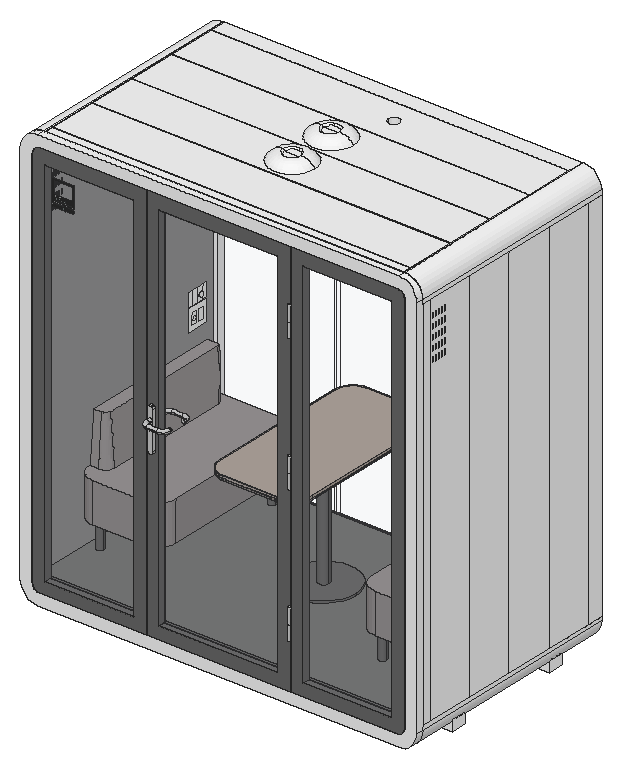
Revit family "MOTTO ML - white", category Entorno, Revit 2023
Family settings
  Se basa en plano de trabajo = No
  Siempre vertical = Sí
  Corte con vacíos al cargar = No
  Origen de apariencia de renderización = Geometría de familia
  Compartido = No
  Punto de cálculo de habitación = No
Parameters
  Altura = 0 mm
Reference planes
  plane 1 "Centro (Frontal/Posterior)": y = 0
  plane 2: z = 0
  plane 3 "Centro (Izquierda/Derecha)": x = 0
Dimensions and locks
  aligned and locked: level to plane 2
Nested families
  nested 1: "Motto ML" at (0, -140, 0), type "ML"
    with Width 2200 mm, White Panel Back (calc) no, Product Category "", OwnedBy "Bureau Spaces LLC", Length 1281 mm, Height 2300 mm, Glass Panel (by default) yes, Domino Black (calc) no, Domino Black no, CreatedBy "Bureau Spaces LLC", Cloud White (calc) yes, Cloud White yes, Black Panel Back (calc) no, BIM Content Publish Date "01.05.2025", BIM Content Copyright "Bureau Spaces LLC"
Definition of nested family "Motto ML"
  Parameters (values of type "ML")
    Width [instance] = 2200 mm
    White Panel Back (calc) [instance] = if([Glass Panel (by default)], 0 > 1, if([Cloud White (calc)], 1 > 0, if([Domino Black (calc)], 0 > 1, 0 > 1)))  # no
    URL = "https://mottobooths.com/products/motto-ml"
    Default Elevation = 0 mm
    Type Comments = "ML"
    Product Category [instance] = ""
    OwnedBy [instance] = "Bureau Spaces LLC"  # constant formula
    Model = "ML"
    Manufacturer = "Bureau Spaces LLC"  # constant formula
    Length [instance] = 1281 mm
    Height [instance] = 2300 mm
    Glass Panel (by default) [instance] = yes
    Domino Black (calc) [instance] = if(Cloud White, 0 > 1, if(Domino Black, 1 > 0, 0 > 1))  # no
    Domino Black [instance] = no
    Description = ""
    CreatedBy [instance] = "Bureau Spaces LLC"  # constant formula
    Cloud White (calc) [instance] = if(Cloud White, 1 > 0, if(Domino Black, 0 > 1, 1 > 0))  # yes
    Cloud White [instance] = yes
    Black Panel Back (calc) [instance] = if([Glass Panel (by default)], 0 > 1, if([Cloud White (calc)], 0 > 1, if([Domino Black (calc)], 1 > 0, 0 > 1)))  # no
    BIM Content Publish Revit Version = "Revit 2019.2"  # constant formula
    BIM Content Publish Date [instance] = "01.05.2025"  # constant formula
    BIM Content Copyright [instance] = "Bureau Spaces LLC"  # constant formula
  Reference planes
    plane 1 "Center (Front/Back)": y = 140
    plane 2: z = 0
    plane 3 "Center (Left/Right)": x = 0
    plane 4: z = 1150
    plane 5: z = 66
    plane 6: z = 2343.15
    plane 7: y = -500.6
    plane 8: y = 780.6
    plane 9: x = -1100
    plane 10: x = 1100
    plane 11: x = -1506.4
    plane 12: x = -918.8
    plane 13: y = -313.11
    plane 14: y = 230.426
  Forms (mm)
    Revolve 1, solid, visible <- "Cloud White (calc)"
      sketch origin (0, 10.45, 198.5) x (1, 0, 0) y (0, 0, 1)
        loop
          line (-43, 2143.15) -> (-23.534, 2143.15)
          arc (-23.534, 2143.15) -> (-16.641, 2159.791) -> (0, 2166.684) r 23.534
          line (0, 2166.684) -> (0, 2176.15) -> (-43, 2176.15) -> (-50, 2183.15)
          arc (-50, 2183.15) -> (-92.258, 2173.074) -> (-123.75, 2143.15) r 83.579
          line (-123.75, 2143.15) -> (-43, 2143.15)
        axis (0, 2183.15) -> (0, 2143.15)
      angle from 0 to 360
    Extrusion 2, solid, visible <- "Cloud White (calc)"
      sketch origin (0, -7.6, 0) x (1, 0, 0) y (0, 0, 1)
        loop
          arc (-1000, 2343.15) -> (-1070.711, 2313.861) -> (-1100, 2243.15) r 100
          line (-1100, 2243.15) -> (-1100, 100)
          arc (-1100, 100) -> (-1070.711, 29.289) -> (-1000, 0) r 100
          line (-1000, 0) -> (1000, 0)
          arc (1000, 0) -> (1070.711, 29.289) -> (1100, 100) r 100
          line (1100, 100) -> (1100, 2243.15)
          arc (1100, 2243.15) -> (1070.711, 2313.861) -> (1000, 2343.15) r 100
          line (1000, 2343.15) -> (-1000, 2343.15)
        loop
          arc (-994, 2277.15) -> (-1022.284, 2265.434) -> (-1034, 2237.15) r 40
          line (-1034, 2237.15) -> (-1034, 106)
          arc (-1034, 106) -> (-1022.284, 77.716) -> (-994, 66) r 40
          line (-994, 66) -> (994, 66)
          arc (994, 66) -> (1022.284, 77.716) -> (1034, 106) r 40
          line (1034, 106) -> (1034, 2237.15)
          arc (1034, 2237.15) -> (1022.284, 2265.434) -> (994, 2277.15) r 40
          line (994, 2277.15) -> (-994, 2277.15)
      from 453 to 493
    Extrusion 3, solid
      sketch origin (-36, -7.6, 0) x (1, 0, 0) y (0, 0, 1)
        loop
          line (-364, 66) -> (436, 66) -> (436, 2277.15) -> (-364, 2277.15) -> (-364, 66)
        loop
          line (-295, 133.345) -> (367, 133.345) -> (367, 2206.495) -> (-295, 2206.495) -> (-295, 133.345)
      from 453 to 493
    Extrusion 4, solid
      sketch origin (-35, -7.6, 0) x (1, 0, 0) y (0, 0, 1)
        loop
          line (-295, 2206.495) -> (-295, 133.345) -> (365, 133.345) -> (365, 2206.495) -> (-295, 2206.495)
      from 453 to 493
    Extrusion 5, solid
      sketch origin (34, -7.6, -8.5) x (1, 0, 0) y (0, 0, 1)
        loop
          arc (-415.56, 1007.975) -> (-400.56, 992.975) -> (-385.56, 1007.975) r 15
          line (-385.56, 1007.975) -> (-385.56, 1217.975)
          arc (-385.56, 1217.975) -> (-400.56, 1232.975) -> (-415.56, 1217.975) r 15
          line (-415.56, 1217.975) -> (-415.56, 1007.975)
      from 493 to 506
    Sweep 6, solid
      path origin (3802.85, -973.996, 1151.5) x (1, 0, 0) y (0, 1, 0)
        loop
          line (-4169.41, 460.396) -> (-4169.41, 436.165)
          arc (-4169.41, 436.165) -> (-4160.623, 414.951) -> (-4139.41, 406.165) r 30
          line (-4139.41, 406.165) -> (-4081.356, 406.165)
          arc (-4081.356, 406.165) -> (-4060.143, 414.951) -> (-4051.356, 436.165) r 30
          line (-4051.356, 436.165) -> (-4051.356, 445.144)
      profile origin (-366.56, -525.715, 1151.5) x (1, 0, 0) y (0, 0, 1)
        loop
          circle (0, 0) r 10
    Extrusion 7, solid
      sketch origin (0, 140, 0) x (1, 0, 0) y (0, 0, 1)
        loop
          line (-1034, 133.345) -> (-1034, 66) -> (1034, 66) -> (1034, 133.345) -> (-1034, 133.345)
      from -590.6 to 600.6
    Sweep 8, solid
      path origin (0, 0, 0) x (1, 0, 0) y (0, 1, 0)
        loop
          line (-1034, 740.6) -> (-1034, -460.6)
      profile origin (-1034, 140, 0) x (1, 0, 0) y (0, 0, 1)
        loop
          line (0, 133.345) -> (10, 133.345) -> (10, 2220.742) -> (0, 2220.742) -> (0, 133.345)
    Extrusion 9, solid, visible <- "Cloud White (calc)"
      sketch origin (0, 140, 2101.655) x (1, 0, 0) y (0, 0, 1)
        loop
          line (-1034, 176.495) -> (-1034, 109.15) -> (1034, 109.15) -> (1034, 176.495) -> (-1034, 176.495)
      from -600.6 to 600.6
    Extrusion 10, solid
      sketch origin (4232.528, -410.969, -247) x (0.707107, 0.707107, 0) y (-0.707107, 0.707107, 0)
        loop
          line (-2439.726, 3905.973) -> (-3004.28, 3341.419)
          arc (-3004.28, 3341.419) -> (-3033.569, 3270.709) -> (-3004.28, 3199.998) r 100
          line (-3004.28, 3199.998) -> (-2785.701, 2981.419)
          arc (-2785.701, 2981.419) -> (-2714.99, 2952.13) -> (-2644.28, 2981.419) r 100
          line (-2644.28, 2981.419) -> (-2079.726, 3545.973)
          arc (-2079.726, 3545.973) -> (-2049.968, 3617.815) -> (-2079.726, 3689.658) r 101.6
          line (-2079.726, 3689.658) -> (-2296.042, 3905.973)
          arc (-2296.042, 3905.973) -> (-2367.884, 3935.731) -> (-2439.726, 3905.973) r 101.6
      from 1060 to 1090
    Extrusion 11, solid
      sketch origin (0, 140, 69.518) x (1, 0, 0) y (0, 0, 1)
        loop
          line (-1035, 73.827) -> (-1035, 63.827) -> (1034, 63.827) -> (1034, 73.827) -> (-1035, 73.827)
      from -600.6 to 600.6
    Extrusion 12, void
      sketch origin (640, -48.081, -44) x (0, 1, 0) y (0, 0, 1)
        loop
          line (-345.519, 2190.382) -> (-345.519, 2165.382)
          arc (-345.519, 2165.382) -> (-338.019, 2157.882) -> (-330.519, 2165.382) r 7.5
          line (-330.519, 2165.382) -> (-330.519, 2190.382)
          arc (-330.519, 2190.382) -> (-338.019, 2197.882) -> (-345.519, 2190.382) r 7.5
        loop
          line (-325.519, 2190.382) -> (-325.519, 2165.382)
          arc (-325.519, 2165.382) -> (-318.019, 2157.882) -> (-310.519, 2165.382) r 7.5
          line (-310.519, 2165.382) -> (-310.519, 2190.382)
          arc (-310.519, 2190.382) -> (-318.019, 2197.882) -> (-325.519, 2190.382) r 7.5
        loop
          line (-305.519, 2190.382) -> (-305.519, 2165.382)
          arc (-305.519, 2165.382) -> (-298.019, 2157.882) -> (-290.519, 2165.382) r 7.5
          line (-290.519, 2165.382) -> (-290.519, 2190.382)
          arc (-290.519, 2190.382) -> (-298.019, 2197.882) -> (-305.519, 2190.382) r 7.5
        loop
          line (-285.519, 2190.382) -> (-285.519, 2165.382)
          arc (-285.519, 2165.382) -> (-278.019, 2157.882) -> (-270.519, 2165.382) r 7.5
          line (-270.519, 2165.382) -> (-270.519, 2190.382)
          arc (-270.519, 2190.382) -> (-278.019, 2197.882) -> (-285.519, 2190.382) r 7.5
        loop
          line (-265.519, 2190.382) -> (-265.519, 2165.382)
          arc (-265.519, 2165.382) -> (-258.019, 2157.882) -> (-250.519, 2165.382) r 7.5
          line (-250.519, 2165.382) -> (-250.519, 2190.382)
          arc (-250.519, 2190.382) -> (-258.019, 2197.882) -> (-265.519, 2190.382) r 7.5
        loop
          line (-345.519, 2135.382) -> (-345.519, 2110.382)
          arc (-345.519, 2110.382) -> (-338.019, 2102.882) -> (-330.519, 2110.382) r 7.5
          line (-330.519, 2110.382) -> (-330.519, 2135.382)
          arc (-330.519, 2135.382) -> (-338.019, 2142.882) -> (-345.519, 2135.382) r 7.5
        loop
          line (-325.519, 2135.382) -> (-325.519, 2110.382)
          arc (-325.519, 2110.382) -> (-318.019, 2102.882) -> (-310.519, 2110.382) r 7.5
          line (-310.519, 2110.382) -> (-310.519, 2135.382)
          arc (-310.519, 2135.382) -> (-318.019, 2142.882) -> (-325.519, 2135.382) r 7.5
        loop
          line (-305.519, 2135.382) -> (-305.519, 2110.382)
          arc (-305.519, 2110.382) -> (-298.019, 2102.882) -> (-290.519, 2110.382) r 7.5
          line (-290.519, 2110.382) -> (-290.519, 2135.382)
          arc (-290.519, 2135.382) -> (-298.019, 2142.882) -> (-305.519, 2135.382) r 7.5
        loop
          line (-285.519, 2135.382) -> (-285.519, 2110.382)
          arc (-285.519, 2110.382) -> (-278.019, 2102.882) -> (-270.519, 2110.382) r 7.5
          line (-270.519, 2110.382) -> (-270.519, 2135.382)
          arc (-270.519, 2135.382) -> (-278.019, 2142.882) -> (-285.519, 2135.382) r 7.5
        loop
          line (-265.519, 2135.382) -> (-265.519, 2110.382)
          arc (-265.519, 2110.382) -> (-258.019, 2102.882) -> (-250.519, 2110.382) r 7.5
          line (-250.519, 2110.382) -> (-250.519, 2135.382)
          arc (-250.519, 2135.382) -> (-258.019, 2142.882) -> (-265.519, 2135.382) r 7.5
        loop
          line (-345.519, 2080.382) -> (-345.519, 2055.382)
          arc (-345.519, 2055.382) -> (-338.019, 2047.882) -> (-330.519, 2055.382) r 7.5
          line (-330.519, 2055.382) -> (-330.519, 2080.382)
          arc (-330.519, 2080.382) -> (-338.019, 2087.882) -> (-345.519, 2080.382) r 7.5
        loop
          line (-325.519, 2080.382) -> (-325.519, 2055.382)
          arc (-325.519, 2055.382) -> (-318.019, 2047.882) -> (-310.519, 2055.382) r 7.5
          line (-310.519, 2055.382) -> (-310.519, 2080.382)
          arc (-310.519, 2080.382) -> (-318.019, 2087.882) -> (-325.519, 2080.382) r 7.5
        loop
          line (-305.519, 2080.382) -> (-305.519, 2055.382)
          arc (-305.519, 2055.382) -> (-298.019, 2047.882) -> (-290.519, 2055.382) r 7.5
          line (-290.519, 2055.382) -> (-290.519, 2080.382)
          arc (-290.519, 2080.382) -> (-298.019, 2087.882) -> (-305.519, 2080.382) r 7.5
        loop
          line (-285.519, 2080.382) -> (-285.519, 2055.382)
          arc (-285.519, 2055.382) -> (-278.019, 2047.882) -> (-270.519, 2055.382) r 7.5
          line (-270.519, 2055.382) -> (-270.519, 2080.382)
          arc (-270.519, 2080.382) -> (-278.019, 2087.882) -> (-285.519, 2080.382) r 7.5
        loop
          line (-265.519, 2080.382) -> (-265.519, 2055.382)
          arc (-265.519, 2055.382) -> (-258.019, 2047.882) -> (-250.519, 2055.382) r 7.5
          line (-250.519, 2055.382) -> (-250.519, 2080.382)
          arc (-250.519, 2080.382) -> (-258.019, 2087.882) -> (-265.519, 2080.382) r 7.5
        loop
          line (-345.519, 2025.382) -> (-345.519, 2000.382)
          arc (-345.519, 2000.382) -> (-338.019, 1992.882) -> (-330.519, 2000.382) r 7.5
          line (-330.519, 2000.382) -> (-330.519, 2025.382)
          arc (-330.519, 2025.382) -> (-338.019, 2032.882) -> (-345.519, 2025.382) r 7.5
        loop
          line (-325.519, 2025.382) -> (-325.519, 2000.382)
          arc (-325.519, 2000.382) -> (-318.019, 1992.882) -> (-310.519, 2000.382) r 7.5
          line (-310.519, 2000.382) -> (-310.519, 2025.382)
          arc (-310.519, 2025.382) -> (-318.019, 2032.882) -> (-325.519, 2025.382) r 7.5
        loop
          line (-305.519, 2025.382) -> (-305.519, 2000.382)
          arc (-305.519, 2000.382) -> (-298.019, 1992.882) -> (-290.519, 2000.382) r 7.5
          line (-290.519, 2000.382) -> (-290.519, 2025.382)
          arc (-290.519, 2025.382) -> (-298.019, 2032.882) -> (-305.519, 2025.382) r 7.5
        loop
          line (-285.519, 2025.382) -> (-285.519, 2000.382)
          arc (-285.519, 2000.382) -> (-278.019, 1992.882) -> (-270.519, 2000.382) r 7.5
          line (-270.519, 2000.382) -> (-270.519, 2025.382)
          arc (-270.519, 2025.382) -> (-278.019, 2032.882) -> (-285.519, 2025.382) r 7.5
        loop
          line (-265.519, 2025.382) -> (-265.519, 2000.382)
          arc (-265.519, 2000.382) -> (-258.019, 1992.882) -> (-250.519, 2000.382) r 7.5
          line (-250.519, 2000.382) -> (-250.519, 2025.382)
          arc (-250.519, 2025.382) -> (-258.019, 2032.882) -> (-265.519, 2025.382) r 7.5
        loop
          line (-345.519, 1970.382) -> (-345.519, 1945.382)
          arc (-345.519, 1945.382) -> (-338.019, 1937.882) -> (-330.519, 1945.382) r 7.5
          line (-330.519, 1945.382) -> (-330.519, 1970.382)
          arc (-330.519, 1970.382) -> (-338.019, 1977.882) -> (-345.519, 1970.382) r 7.5
        loop
          line (-325.519, 1970.382) -> (-325.519, 1945.382)
          arc (-325.519, 1945.382) -> (-318.019, 1937.882) -> (-310.519, 1945.382) r 7.5
          line (-310.519, 1945.382) -> (-310.519, 1970.382)
          arc (-310.519, 1970.382) -> (-318.019, 1977.882) -> (-325.519, 1970.382) r 7.5
        loop
          line (-305.519, 1970.382) -> (-305.519, 1945.382)
          arc (-305.519, 1945.382) -> (-298.019, 1937.882) -> (-290.519, 1945.382) r 7.5
          line (-290.519, 1945.382) -> (-290.519, 1970.382)
          arc (-290.519, 1970.382) -> (-298.019, 1977.882) -> (-305.519, 1970.382) r 7.5
        loop
          line (-285.519, 1970.382) -> (-285.519, 1945.382)
          arc (-285.519, 1945.382) -> (-278.019, 1937.882) -> (-270.519, 1945.382) r 7.5
          line (-270.519, 1945.382) -> (-270.519, 1970.382)
          arc (-270.519, 1970.382) -> (-278.019, 1977.882) -> (-285.519, 1970.382) r 7.5
        loop
          line (-265.519, 1970.382) -> (-265.519, 1945.382)
          arc (-265.519, 1945.382) -> (-258.019, 1937.882) -> (-250.519, 1945.382) r 7.5
          line (-250.519, 1945.382) -> (-250.519, 1970.382)
          arc (-250.519, 1970.382) -> (-258.019, 1977.882) -> (-265.519, 1970.382) r 7.5
      from -1814.577 to 561
    Extrusion 13, solid, visible <- "Cloud White (calc)"
      sketch origin (0, 21.645, 0) x (1, 0, 0) y (0, 0, 1)
        loop
          line (-1090.921, 58.367) -> (-1090.921, -6.709) -> (-963.421, -6.709) -> (-963.421, 0) -> (-1000, 0)
          arc (-1000, 0) -> (-1054.022, 15.847) -> (-1090.921, 58.367) r 100
        loop
          arc (1090.921, 58.367) -> (1054.022, 15.847) -> (1000, 0) r 100
          line (1000, 0) -> (963.421, 0) -> (963.421, -6.709) -> (1090.921, -6.709) -> (1090.921, 58.367)
      from 175.645 to 258.645
    Sweep 14, void
      path origin (-1248.157, -498.753, 0) x (0.707107, -0.707107, 0) y (0.707107, 0.707107, 0)
        loop
          line (-92.616, 1497.778) -> (471.938, 933.224)
          arc (471.938, 933.224) -> (542.648, 903.934) -> (613.359, 933.224) r 100
          line (613.359, 933.224) -> (831.938, 1151.802)
          arc (831.938, 1151.802) -> (861.227, 1222.513) -> (831.938, 1293.224) r 100
          line (831.938, 1293.224) -> (267.384, 1857.778)
          arc (267.384, 1857.778) -> (196.673, 1887.067) -> (125.962, 1857.778) r 100
          line (125.962, 1857.778) -> (-92.616, 1639.199)
          arc (-92.616, 1639.199) -> (-121.906, 1568.488) -> (-92.616, 1497.778) r 100
      profile origin (-254.558, 226.625, 0) x (1, 0, 0) y (0, 0, 1)
        loop
          line (0, 851.781) -> (-16.25, 851.781) -> (-16.25, 805.531) -> (20, 805.531) -> (20, 811.781)
          arc (20, 811.781) -> (5.858, 817.639) -> (0, 831.781) r 20
          line (0, 831.781) -> (0, 851.781)
    Extrusion 15, solid
      sketch origin (-827, -7.6, 0) x (-1, 0, 0) y (0, 0, -1)
        loop
          line (-427, -66) -> (-427, -2277.15) -> (166.955, -2277.15)
          arc (166.955, -2277.15) -> (195.271, -2265.421) -> (207, -2237.105) r 40.045
          line (207, -2237.105) -> (207, -105.899)
          arc (207, -105.899) -> (195.314, -77.686) -> (167.101, -66) r 39.899
          line (167.101, -66) -> (-427, -66)
        loop
          line (-357, -133.345) -> (-357, -2206.495) -> (137, -2206.495) -> (137, -133.345) -> (-357, -133.345)
        loop
          line (-1227, -66) -> (-1821.101, -66)
          arc (-1821.101, -66) -> (-1849.314, -77.686) -> (-1861, -105.899) r 39.899
          line (-1861, -105.899) -> (-1861, -2237.105)
          arc (-1861, -2237.105) -> (-1849.271, -2265.421) -> (-1820.955, -2277.15) r 40.045
          line (-1820.955, -2277.15) -> (-1227, -2277.15) -> (-1227, -66)
        loop
          line (-1297, -133.345) -> (-1791, -133.345) -> (-1791, -2206.495) -> (-1297, -2206.495) -> (-1297, -133.345)
      from 453 to 493
    Extrusion 16, solid
      sketch origin (-2798.55, 455.495, 145.853) x (-1, 0, 0) y (0, -1, 0)
        loop
          line (-2154.55, -275.105) -> (-1774.55, -275.105) -> (-1774.55, 570.095)
          arc (-1774.55, 570.095) -> (-1803.84, 640.806) -> (-1874.55, 670.095) r 100
          line (-1874.55, 670.095) -> (-2154.55, 670.095)
          arc (-2154.55, 670.095) -> (-2225.261, 640.806) -> (-2254.55, 570.095) r 100
          line (-2254.55, 570.095) -> (-2254.55, -175.105)
          arc (-2254.55, -175.105) -> (-2225.261, -245.816) -> (-2154.55, -275.105) r 100
      from 157.492 to 377.492
    Revolve 17, solid, visible <- "Cloud White (calc)"
      sketch origin (0, 279.7, 198.5) x (1, 0, 0) y (0, 0, -1)
        loop
          line (-43, -2143.15) -> (-123.75, -2143.15)
          arc (-123.75, -2143.15) -> (-92.258, -2173.074) -> (-50, -2183.15) r 83.579
          line (-50, -2183.15) -> (-43, -2176.15) -> (0, -2176.15) -> (0, -2166.684)
          arc (0, -2166.684) -> (-16.641, -2159.791) -> (-23.534, -2143.15) r 23.534
          line (-23.534, -2143.15) -> (-43, -2143.15)
        axis (0, -2183.15) -> (0, -2143.15)
      angle from 0 to 360
    Extrusion 18, solid, visible <- "Cloud White (calc)"
      sketch origin (0, 692.645, 0) x (1, 0, 0) y (0, 0, 1)
        loop
          line (-1090.921, 58.367) -> (-1090.921, -6.709) -> (-963.421, -6.709) -> (-963.421, 0) -> (-1000, 0)
          arc (-1000, 0) -> (-1054.022, 15.847) -> (-1090.921, 58.367) r 100
        loop
          arc (1090.921, 58.367) -> (1054.022, 15.847) -> (1000, 0) r 100
          line (1000, 0) -> (963.421, 0) -> (963.421, -6.709) -> (1090.921, -6.709) -> (1090.921, 58.367)
      from 175.645 to 258.645
    Extrusion 19, solid
      sketch origin (3102.453, 15.6, 43.15) x (1, 0, 0) y (0, 1, 0)
        loop
          arc (-3222.453, 9.4) -> (-3220.988, 5.864) -> (-3217.453, 4.4) r 5
          line (-3217.453, 4.4) -> (-2987.453, 4.4)
          arc (-2987.453, 4.4) -> (-2983.917, 5.864) -> (-2982.453, 9.4) r 5
          line (-2982.453, 9.4) -> (-2982.453, 239.4)
          arc (-2982.453, 239.4) -> (-2983.917, 242.936) -> (-2987.453, 244.4) r 5
          line (-2987.453, 244.4) -> (-3217.453, 244.4)
          arc (-3217.453, 244.4) -> (-3220.988, 242.936) -> (-3222.453, 239.4) r 5
          line (-3222.453, 239.4) -> (-3222.453, 9.4)
      from 2155 to 2167.655
    Extrusion 20, solid
      sketch origin (-835, -7.6, 0) x (1, 0, 0) y (0, 0, 1)
        loop
          line (-129, 2206.495) -> (-129, 133.345) -> (365, 133.345) -> (365, 2206.495) -> (-129, 2206.495)
      from 453 to 493
    Extrusion 21, solid
      sketch origin (835, -7.6, 0) x (-1, 0, 0) y (0, 0, -1)
        loop
          line (-129, -2206.495) -> (365, -2206.495) -> (365, -133.345) -> (-129, -133.345) -> (-129, -2206.495)
      from 453 to 493
    Extrusion 22, solid
      sketch origin (0, 0, 61.685) x (1, 0, 0) y (0, 1, 0)
        loop
          line (-924, -64.6) -> (-924, 645.733)
          arc (-924, 645.733) -> (-938.645, 681.089) -> (-974, 695.733) r 50
          line (-974, 695.733) -> (-1024, 695.733) -> (-1024, -114.6) -> (-974, -114.6)
          arc (-974, -114.6) -> (-938.645, -99.955) -> (-924, -64.6) r 50
      from 461.66 to 731.66
    Sweep 23, void
      path origin (0, -25, 523.345) x (1, 0, 0) y (0, 1, 0)
        loop
          line (-1024, -89.6) -> (-974, -89.6)
          arc (-974, -89.6) -> (-938.645, -74.955) -> (-924, -39.6) r 50
          line (-924, -39.6) -> (-924, 705.6)
          arc (-924, 705.6) -> (-938.645, 740.955) -> (-974, 755.6) r 50
          line (-974, 755.6) -> (-1024, 755.6)
      profile origin (-938.645, -99.955, 523.345) x (-0.707107, 0.707107, 0) y (0, 0, 1)
        loop
          line (0, 0) -> (25, 270) -> (-5.086, 270) -> (-30.086, 0) -> (0, 0)
    Extrusion 24, solid
      sketch origin (0, 170.426, 0) x (1, 0, 0) y (0, 1, 0)
        loop
          circle (0, 60) r 30
      from 153.345 to 813
    Extrusion 25, solid
      sketch origin (0, 170.426, -661.088) x (1, 0, 0) y (0, 1, 0)
        loop
          circle (0, 60) r 177.8
      from 804.433 to 814.433
    Extrusion 26, solid
      sketch origin (0, -613, 0) x (1, 0, 0) y (0, 0, 1)
        loop
          line (-1024, 2210.805) -> (-1024, 2190.805) -> (-1004, 2190.805) -> (-1004, 2210.805) -> (-1024, 2210.805)
        loop
          line (1024, 2210.805) -> (1004, 2210.805) -> (1004, 2190.805) -> (1024, 2190.805) -> (1024, 2210.805)
      from -1353.6 to -152.4
    Extrusion 27, solid
      sketch origin (2798.55, 455.495, -74.147) x (1, 0, 0) y (0, 1, 0)
        loop
          circle (-2181.176, -587.264) r 20
        loop
          circle (-2181.176, 187.936) r 20
        loop
          circle (-1847.925, -587.264) r 20
        loop
          circle (-1847.925, 187.936) r 20
        loop
          circle (-3415.925, -587.264) r 20
        loop
          circle (-3415.925, 187.936) r 20
        loop
          circle (-3749.176, -587.264) r 20
        loop
          circle (-3749.176, 187.936) r 20
      from 217.492 to 377.492
    Extrusion 28, solid, visible <- "Cloud White (calc)"
      sketch origin (-1534, -995.644, 0) x (-1, 0, 0) y (0, -1, 0)
        loop
          line (-501, -860.217) -> (-434, -860.217) -> (-434, -585.044) -> (-501, -585.044) -> (-501, -860.217)
      from 122.408 to 2220.742
    Extrusion 29, solid, visible <- "Cloud White (calc)"
      sketch origin (-600, 180, 0) x (1, 0, 0) y (0, 0, 1)
        loop
          line (-395, 2278.15) -> (-395, 2343.15) -> (-400, 2343.15)
          arc (-400, 2343.15) -> (-470.711, 2313.861) -> (-500, 2243.15) r 100
          line (-500, 2243.15) -> (-500, 2220.742) -> (-435, 2220.742) -> (-435, 2238.15)
          arc (-435, 2238.15) -> (-423.284, 2266.434) -> (-395, 2278.15) r 40
        loop
          arc (1595, 2278.15) -> (1623.284, 2266.434) -> (1635, 2238.15) r 40
          line (1635, 2238.15) -> (1635, 2220.742) -> (1700, 2220.742) -> (1700, 2243.15)
          arc (1700, 2243.15) -> (1670.711, 2313.861) -> (1600, 2343.15) r 100
          line (1600, 2343.15) -> (1595, 2343.15) -> (1595, 2278.15)
        loop
          arc (-395, 65) -> (-423.284, 76.716) -> (-435, 105) r 40
          line (-435, 105) -> (-435, 122.408) -> (-500, 122.408) -> (-500, 100)
          arc (-500, 100) -> (-470.711, 29.289) -> (-400, 0) r 100
          line (-400, 0) -> (-395, 0) -> (-395, 65)
        loop
          line (1595, 65) -> (1595, 0) -> (1600, 0)
          arc (1600, 0) -> (1670.711, 29.289) -> (1700, 100) r 100
          line (1700, 100) -> (1700, 122.408) -> (1635, 122.408) -> (1635, 105)
          arc (1635, 105) -> (1623.284, 76.716) -> (1595, 65) r 40
      from -600.6 to 640.6
    Extrusion 30, solid, visible <- "Cloud White (calc)"
      sketch origin (1534, -995.644, 0) x (1, 0, 0) y (0, 1, 0)
        loop
          line (-501, 860.217) -> (-501, 585.044) -> (-434, 585.044) -> (-434, 860.217) -> (-501, 860.217)
      from 122.408 to 2220.742
    Extrusion 31, solid, visible <- "Cloud White (calc)"
      sketch origin (-1534, 418.664, 0) x (-1, 0, 0) y (0, -1, 0)
        loop
          line (-501, -361.936) -> (-434, -361.936) -> (-434, -272.573) -> (-501, -272.573) -> (-501, -361.936)
      from 122.408 to 2220.742
    Extrusion 32, solid, visible <- "Cloud White (calc)"
      sketch origin (-1534, -1276.844, 0) x (-1, 0, 0) y (0, -1, 0)
        loop
          line (-501, -866.244) -> (-434, -866.244) -> (-434, -816.244) -> (-501, -816.244) -> (-501, -866.244)
      from 122.408 to 2220.742
    Extrusion 33, solid, visible <- "Cloud White (calc)"
      sketch origin (1389, -251.882, 43.15) x (1, 0, 0) y (0, 1, 0)
        loop
          line (-394, 116.455) -> (-2384, 116.455) -> (-2384, -159.1) -> (-394, -159.1) -> (-394, 116.455)
      from 2235 to 2300
    Extrusion 34, solid, visible <- "Cloud White (calc)"
      sketch origin (1389, 1154.755, 43.15) x (1, 0, 0) y (0, 1, 0)
        loop
          line (-394, -374.155) -> (-2384, -374.155) -> (-2384, -463.9) -> (-394, -463.9) -> (-394, -374.155)
      from 2235 to 2300
    Extrusion 35, solid, visible <- "Cloud White (calc)"
      sketch origin (1534, 418.664, 0) x (1, 0, 0) y (0, 1, 0)
        loop
          line (-501, 361.936) -> (-501, 272.573) -> (-434, 272.573) -> (-434, 361.936) -> (-501, 361.936)
      from 122.408 to 2220.742
    Extrusion 36, solid, visible <- "Cloud White (calc)"
      sketch origin (1534, -1276.844, 0) x (1, 0, 0) y (0, 1, 0)
        loop
          line (-501, 866.244) -> (-501, 816.244) -> (-434, 816.244) -> (-434, 866.244) -> (-501, 866.244)
      from 122.408 to 2220.742
    Sweep 37, solid
      path origin (0, -3.175, 0) x (1, 0, 0) y (0, 1, 0)
        loop
          line (-254.558, 630.251) -> (-254.558, -169.4)
          arc (-254.558, -169.4) -> (-225.269, -240.111) -> (-154.558, -269.4) r 100
          line (-154.558, -269.4) -> (154.558, -269.4)
          arc (154.558, -269.4) -> (225.269, -240.111) -> (254.558, -169.4) r 100
          line (254.558, -169.4) -> (254.558, 630.251)
          arc (254.558, 630.251) -> (225.269, 700.962) -> (154.558, 730.251) r 100
          line (154.558, 730.251) -> (-154.558, 730.251)
          arc (-154.558, 730.251) -> (-225.269, 700.962) -> (-254.558, 630.251) r 100
      profile origin (-254.558, 227.251, 0) x (1, 0, 0) y (0, 0, 1)
        loop
          line (0, 831.781) -> (0, 843) -> (-2, 843) -> (-2, 831.781)
          arc (-2, 831.781) -> (2.178, 818.883) -> (13.125, 810.883) r 22
          line (13.125, 810.883) -> (13.125, 813)
          arc (13.125, 813) -> (3.606, 820.325) -> (0, 831.781) r 20
    Extrusion 38, solid, visible <- "Glass Panel (by default)"
      sketch origin (-87.057, 219.156, 0) x (-1, 0, 0) y (0, -1, 0)
        loop
          line (-1082.057, -561.444) -> (-434, -561.444) -> (-434, -521.444) -> (-1082.057, -521.444) -> (-1082.057, -561.444)
      from 122.408 to 2220.742
    Extrusion 39, solid, visible <- "Glass Panel (by default)"
      sketch origin (-710.057, 219.156, 0) x (-1, 0, 0) y (0, -1, 0)
        loop
          line (-1057, -561.444) -> (-363.115, -561.444) -> (-363.115, -521.444) -> (-1057, -521.444) -> (-1057, -561.444)
      from 122.408 to 2220.742
    Extrusion 40, solid, visible <- "Glass Panel (by default)"
      sketch origin (-1403.943, 219.156, 0) x (-1, 0, 0) y (0, -1, 0)
        loop
          line (-1057, -561.444) -> (-408.943, -561.444) -> (-408.943, -536.444) -> (-1057, -536.444) -> (-1057, -561.444)
      from 122.408 to 2220.742
    Extrusion 41, solid, visible <- "Cloud White (calc)"
      sketch origin (0, -12.4, 0) x (1, 0, 0) y (0, 0, 1)
        loop
          line (995, 2278.15) -> (-995, 2278.15)
          arc (-995, 2278.15) -> (-1023.284, 2266.434) -> (-1035, 2238.15) r 40
          line (-1035, 2238.15) -> (-1035, 105)
          arc (-1035, 105) -> (-1026.269, 80.055) -> (-1003.888, 66) r 40
          line (-1003.888, 66) -> (1003.888, 66)
          arc (1003.888, 66) -> (1026.269, 80.055) -> (1035, 105) r 40
          line (1035, 105) -> (1035, 2238.15)
          arc (1035, 2238.15) -> (1023.284, 2266.434) -> (995, 2278.15) r 40
        loop
          line (995, 2220.742) -> (-995, 2220.742) -> (-995, 122.408) -> (995, 122.408) -> (995, 2220.742)
      from -793 to -753
    Extrusion 42, solid, visible <- "Cloud White (calc)"
      sketch origin (1389, 1154.755, -2233.987) x (0, -1, 0) y (1, 0, 0)
        loop
          line (374.155, -394) -> (374.155, -2384) -> (463.9, -2384) -> (463.9, -394) -> (374.155, -394)
      from 2233.987 to 2300
    Extrusion 43, solid, visible <- "Cloud White (calc)"
      sketch origin (1389, -341.627, -2233.987) x (0, -1, 0) y (1, 0, 0)
        loop
          line (69.355, -394) -> (69.355, -2384) -> (118.973, -2384) -> (118.973, -394) -> (69.355, -394)
      from 2233.987 to 2300
    Extrusion 44, solid
      sketch origin (-172, -253.273, -31.411) x (1, 0, 0) y (0, 1, 0)
        loop
          circle (572, -255.327) r 8
      from 1862.49 to 1944.105
    Extrusion 45, solid
      sketch origin (-172, -253.273, 50.203) x (1, 0, 0) y (0, 1, 0)
        loop
          circle (572, -255.327) r 8
      from 1862.49 to 1944.105
    Extrusion 46, solid
      sketch origin (-172, -253.273, -784.395) x (1, 0, 0) y (0, 1, 0)
        loop
          circle (572, -255.327) r 8
      from 1862.49 to 1944.105
    Extrusion 47, solid
      sketch origin (-172, -253.273, -702.78) x (1, 0, 0) y (0, 1, 0)
        loop
          circle (572, -255.327) r 8
      from 1862.49 to 1944.105
    Extrusion 48, solid
      sketch origin (-172, -253.273, -1536.895) x (1, 0, 0) y (0, 1, 0)
        loop
          circle (572, -255.327) r 8
      from 1862.49 to 1944.105
    Extrusion 49, solid
      sketch origin (-172, -253.273, -1455.28) x (1, 0, 0) y (0, 1, 0)
        loop
          circle (572, -255.327) r 8
      from 1862.49 to 1944.105
    Extrusion 50, solid
      sketch origin (0, 0, 43.15) x (1, 0, 0) y (0, 1, 0)
        loop
          line (-115, 20) -> (115, 20)
          arc (115, 20) -> (118.536, 21.464) -> (120, 25) r 5
          line (120, 25) -> (120, 255)
          arc (120, 255) -> (118.536, 258.536) -> (115, 260) r 5
          line (115, 260) -> (-115, 260)
          arc (-115, 260) -> (-118.536, 258.536) -> (-120, 255) r 5
          line (-120, 255) -> (-120, 25)
          arc (-120, 25) -> (-118.536, 21.464) -> (-115, 20) r 5
        loop
          line (115, 265) -> (-115, 265)
          arc (-115, 265) -> (-122.071, 262.071) -> (-125, 255) r 10
          line (-125, 255) -> (-125, 25)
          arc (-125, 25) -> (-122.071, 17.929) -> (-115, 15) r 10
          line (-115, 15) -> (115, 15)
          arc (115, 15) -> (122.071, 17.929) -> (125, 25) r 10
          line (125, 25) -> (125, 255)
          arc (125, 255) -> (122.071, 262.071) -> (115, 265) r 10
      from 2155 to 2167.655
    Extrusion 51, void
      sketch origin (0, 562.847, 0) x (-1, 0, 0) y (0, -1, 0)
        loop
          line (408.067, 324.134) -> (433.067, 324.134)
          arc (433.067, 324.134) -> (440.567, 331.634) -> (433.067, 339.134) r 7.5
          line (433.067, 339.134) -> (408.067, 339.134)
          arc (408.067, 339.134) -> (400.567, 331.634) -> (408.067, 324.134) r 7.5
        loop
          line (408.067, 304.134) -> (433.067, 304.134)
          arc (433.067, 304.134) -> (440.567, 311.634) -> (433.067, 319.134) r 7.5
          line (433.067, 319.134) -> (408.067, 319.134)
          arc (408.067, 319.134) -> (400.567, 311.634) -> (408.067, 304.134) r 7.5
        loop
          line (408.067, 284.134) -> (433.067, 284.134)
          arc (433.067, 284.134) -> (440.567, 291.634) -> (433.067, 299.134) r 7.5
          line (433.067, 299.134) -> (408.067, 299.134)
          arc (408.067, 299.134) -> (400.567, 291.634) -> (408.067, 284.134) r 7.5
        loop
          line (408.067, 264.134) -> (433.067, 264.134)
          arc (433.067, 264.134) -> (440.567, 271.634) -> (433.067, 279.134) r 7.5
          line (433.067, 279.134) -> (408.067, 279.134)
          arc (408.067, 279.134) -> (400.567, 271.634) -> (408.067, 264.134) r 7.5
        loop
          line (408.067, 244.134) -> (433.067, 244.134)
          arc (433.067, 244.134) -> (440.567, 251.634) -> (433.067, 259.134) r 7.5
          line (433.067, 259.134) -> (408.067, 259.134)
          arc (408.067, 259.134) -> (400.567, 251.634) -> (408.067, 244.134) r 7.5
        loop
          line (463.067, 324.134) -> (488.067, 324.134)
          arc (488.067, 324.134) -> (495.567, 331.634) -> (488.067, 339.134) r 7.5
          line (488.067, 339.134) -> (463.067, 339.134)
          arc (463.067, 339.134) -> (455.567, 331.634) -> (463.067, 324.134) r 7.5
        loop
          line (463.067, 304.134) -> (488.067, 304.134)
          arc (488.067, 304.134) -> (495.567, 311.634) -> (488.067, 319.134) r 7.5
          line (488.067, 319.134) -> (463.067, 319.134)
          arc (463.067, 319.134) -> (455.567, 311.634) -> (463.067, 304.134) r 7.5
        loop
          line (463.067, 284.134) -> (488.067, 284.134)
          arc (488.067, 284.134) -> (495.567, 291.634) -> (488.067, 299.134) r 7.5
          line (488.067, 299.134) -> (463.067, 299.134)
          arc (463.067, 299.134) -> (455.567, 291.634) -> (463.067, 284.134) r 7.5
        loop
          line (463.067, 264.134) -> (488.067, 264.134)
          arc (488.067, 264.134) -> (495.567, 271.634) -> (488.067, 279.134) r 7.5
          line (488.067, 279.134) -> (463.067, 279.134)
          arc (463.067, 279.134) -> (455.567, 271.634) -> (463.067, 264.134) r 7.5
        loop
          line (463.067, 244.134) -> (488.067, 244.134)
          arc (488.067, 244.134) -> (495.567, 251.634) -> (488.067, 259.134) r 7.5
          line (488.067, 259.134) -> (463.067, 259.134)
          arc (463.067, 259.134) -> (455.567, 251.634) -> (463.067, 244.134) r 7.5
        loop
          line (518.067, 324.134) -> (543.067, 324.134)
          arc (543.067, 324.134) -> (550.567, 331.634) -> (543.067, 339.134) r 7.5
          line (543.067, 339.134) -> (518.067, 339.134)
          arc (518.067, 339.134) -> (510.567, 331.634) -> (518.067, 324.134) r 7.5
        loop
          line (518.067, 304.134) -> (543.067, 304.134)
          arc (543.067, 304.134) -> (550.567, 311.634) -> (543.067, 319.134) r 7.5
          line (543.067, 319.134) -> (518.067, 319.134)
          arc (518.067, 319.134) -> (510.567, 311.634) -> (518.067, 304.134) r 7.5
        loop
          line (518.067, 284.134) -> (543.067, 284.134)
          arc (543.067, 284.134) -> (550.567, 291.634) -> (543.067, 299.134) r 7.5
          line (543.067, 299.134) -> (518.067, 299.134)
          arc (518.067, 299.134) -> (510.567, 291.634) -> (518.067, 284.134) r 7.5
        loop
          line (518.067, 264.134) -> (543.067, 264.134)
          arc (543.067, 264.134) -> (550.567, 271.634) -> (543.067, 279.134) r 7.5
          line (543.067, 279.134) -> (518.067, 279.134)
          arc (518.067, 279.134) -> (510.567, 271.634) -> (518.067, 264.134) r 7.5
        loop
          line (518.067, 244.134) -> (543.067, 244.134)
          arc (543.067, 244.134) -> (550.567, 251.634) -> (543.067, 259.134) r 7.5
          line (543.067, 259.134) -> (518.067, 259.134)
          arc (518.067, 259.134) -> (510.567, 251.634) -> (518.067, 244.134) r 7.5
        loop
          line (573.067, 324.134) -> (598.067, 324.134)
          arc (598.067, 324.134) -> (605.567, 331.634) -> (598.067, 339.134) r 7.5
          line (598.067, 339.134) -> (573.067, 339.134)
          arc (573.067, 339.134) -> (565.567, 331.634) -> (573.067, 324.134) r 7.5
        loop
          line (573.067, 304.134) -> (598.067, 304.134)
          arc (598.067, 304.134) -> (605.567, 311.634) -> (598.067, 319.134) r 7.5
          line (598.067, 319.134) -> (573.067, 319.134)
          arc (573.067, 319.134) -> (565.567, 311.634) -> (573.067, 304.134) r 7.5
        loop
          line (573.067, 284.134) -> (598.067, 284.134)
          arc (598.067, 284.134) -> (605.567, 291.634) -> (598.067, 299.134) r 7.5
          line (598.067, 299.134) -> (573.067, 299.134)
          arc (573.067, 299.134) -> (565.567, 291.634) -> (573.067, 284.134) r 7.5
        loop
          line (573.067, 264.134) -> (598.067, 264.134)
          arc (598.067, 264.134) -> (605.567, 271.634) -> (598.067, 279.134) r 7.5
          line (598.067, 279.134) -> (573.067, 279.134)
          arc (573.067, 279.134) -> (565.567, 271.634) -> (573.067, 264.134) r 7.5
        loop
          line (573.067, 244.134) -> (598.067, 244.134)
          arc (598.067, 244.134) -> (605.567, 251.634) -> (598.067, 259.134) r 7.5
          line (598.067, 259.134) -> (573.067, 259.134)
          arc (573.067, 259.134) -> (565.567, 251.634) -> (573.067, 244.134) r 7.5
        loop
          line (628.067, 324.134) -> (653.067, 324.134)
          arc (653.067, 324.134) -> (660.567, 331.634) -> (653.067, 339.134) r 7.5
          line (653.067, 339.134) -> (628.067, 339.134)
          arc (628.067, 339.134) -> (620.567, 331.634) -> (628.067, 324.134) r 7.5
        loop
          line (628.067, 304.134) -> (653.067, 304.134)
          arc (653.067, 304.134) -> (660.567, 311.634) -> (653.067, 319.134) r 7.5
          line (653.067, 319.134) -> (628.067, 319.134)
          arc (628.067, 319.134) -> (620.567, 311.634) -> (628.067, 304.134) r 7.5
        loop
          line (628.067, 284.134) -> (653.067, 284.134)
          arc (653.067, 284.134) -> (660.567, 291.634) -> (653.067, 299.134) r 7.5
          line (653.067, 299.134) -> (628.067, 299.134)
          arc (628.067, 299.134) -> (620.567, 291.634) -> (628.067, 284.134) r 7.5
        loop
          line (628.067, 264.134) -> (653.067, 264.134)
          arc (653.067, 264.134) -> (660.567, 271.634) -> (653.067, 279.134) r 7.5
          line (653.067, 279.134) -> (628.067, 279.134)
          arc (628.067, 279.134) -> (620.567, 271.634) -> (628.067, 264.134) r 7.5
        loop
          line (628.067, 244.134) -> (653.067, 244.134)
          arc (653.067, 244.134) -> (660.567, 251.634) -> (653.067, 259.134) r 7.5
          line (653.067, 259.134) -> (628.067, 259.134)
          arc (628.067, 259.134) -> (620.567, 251.634) -> (628.067, 244.134) r 7.5
        loop
          arc (-408.246, 324.134) -> (-400.746, 331.634) -> (-408.246, 339.134) r 7.5
          line (-408.246, 339.134) -> (-433.246, 339.134)
          arc (-433.246, 339.134) -> (-440.746, 331.634) -> (-433.246, 324.134) r 7.5
          line (-433.246, 324.134) -> (-408.246, 324.134)
        loop
          arc (-408.246, 304.134) -> (-400.746, 311.634) -> (-408.246, 319.134) r 7.5
          line (-408.246, 319.134) -> (-433.246, 319.134)
          arc (-433.246, 319.134) -> (-440.746, 311.634) -> (-433.246, 304.134) r 7.5
          line (-433.246, 304.134) -> (-408.246, 304.134)
        loop
          arc (-408.246, 284.134) -> (-400.746, 291.634) -> (-408.246, 299.134) r 7.5
          line (-408.246, 299.134) -> (-433.246, 299.134)
          arc (-433.246, 299.134) -> (-440.746, 291.634) -> (-433.246, 284.134) r 7.5
          line (-433.246, 284.134) -> (-408.246, 284.134)
        loop
          arc (-408.246, 264.134) -> (-400.746, 271.634) -> (-408.246, 279.134) r 7.5
          line (-408.246, 279.134) -> (-433.246, 279.134)
          arc (-433.246, 279.134) -> (-440.746, 271.634) -> (-433.246, 264.134) r 7.5
          line (-433.246, 264.134) -> (-408.246, 264.134)
        loop
          arc (-408.246, 244.134) -> (-400.746, 251.634) -> (-408.246, 259.134) r 7.5
          line (-408.246, 259.134) -> (-433.246, 259.134)
          arc (-433.246, 259.134) -> (-440.746, 251.634) -> (-433.246, 244.134) r 7.5
          line (-433.246, 244.134) -> (-408.246, 244.134)
        loop
          arc (-463.246, 324.134) -> (-455.746, 331.634) -> (-463.246, 339.134) r 7.5
          line (-463.246, 339.134) -> (-488.246, 339.134)
          arc (-488.246, 339.134) -> (-495.746, 331.634) -> (-488.246, 324.134) r 7.5
          line (-488.246, 324.134) -> (-463.246, 324.134)
        loop
          arc (-463.246, 304.134) -> (-455.746, 311.634) -> (-463.246, 319.134) r 7.5
          line (-463.246, 319.134) -> (-488.246, 319.134)
          arc (-488.246, 319.134) -> (-495.746, 311.634) -> (-488.246, 304.134) r 7.5
          line (-488.246, 304.134) -> (-463.246, 304.134)
        loop
          arc (-463.246, 284.134) -> (-455.746, 291.634) -> (-463.246, 299.134) r 7.5
          line (-463.246, 299.134) -> (-488.246, 299.134)
          arc (-488.246, 299.134) -> (-495.746, 291.634) -> (-488.246, 284.134) r 7.5
          line (-488.246, 284.134) -> (-463.246, 284.134)
        loop
          arc (-463.246, 264.134) -> (-455.746, 271.634) -> (-463.246, 279.134) r 7.5
          line (-463.246, 279.134) -> (-488.246, 279.134)
          arc (-488.246, 279.134) -> (-495.746, 271.634) -> (-488.246, 264.134) r 7.5
          line (-488.246, 264.134) -> (-463.246, 264.134)
        loop
          arc (-463.246, 244.134) -> (-455.746, 251.634) -> (-463.246, 259.134) r 7.5
          line (-463.246, 259.134) -> (-488.246, 259.134)
          arc (-488.246, 259.134) -> (-495.746, 251.634) -> (-488.246, 244.134) r 7.5
          line (-488.246, 244.134) -> (-463.246, 244.134)
        loop
          arc (-518.246, 324.134) -> (-510.746, 331.634) -> (-518.246, 339.134) r 7.5
          line (-518.246, 339.134) -> (-543.246, 339.134)
          arc (-543.246, 339.134) -> (-550.746, 331.634) -> (-543.246, 324.134) r 7.5
          line (-543.246, 324.134) -> (-518.246, 324.134)
        loop
          arc (-518.246, 304.134) -> (-510.746, 311.634) -> (-518.246, 319.134) r 7.5
          line (-518.246, 319.134) -> (-543.246, 319.134)
          arc (-543.246, 319.134) -> (-550.746, 311.634) -> (-543.246, 304.134) r 7.5
          line (-543.246, 304.134) -> (-518.246, 304.134)
        loop
          arc (-518.246, 284.134) -> (-510.746, 291.634) -> (-518.246, 299.134) r 7.5
          line (-518.246, 299.134) -> (-543.246, 299.134)
          arc (-543.246, 299.134) -> (-550.746, 291.634) -> (-543.246, 284.134) r 7.5
          line (-543.246, 284.134) -> (-518.246, 284.134)
        loop
          arc (-518.246, 264.134) -> (-510.746, 271.634) -> (-518.246, 279.134) r 7.5
          line (-518.246, 279.134) -> (-543.246, 279.134)
          arc (-543.246, 279.134) -> (-550.746, 271.634) -> (-543.246, 264.134) r 7.5
          line (-543.246, 264.134) -> (-518.246, 264.134)
        loop
          arc (-518.246, 244.134) -> (-510.746, 251.634) -> (-518.246, 259.134) r 7.5
          line (-518.246, 259.134) -> (-543.246, 259.134)
          arc (-543.246, 259.134) -> (-550.746, 251.634) -> (-543.246, 244.134) r 7.5
          line (-543.246, 244.134) -> (-518.246, 244.134)
        loop
          arc (-573.246, 324.134) -> (-565.746, 331.634) -> (-573.246, 339.134) r 7.5
          line (-573.246, 339.134) -> (-598.246, 339.134)
          arc (-598.246, 339.134) -> (-605.746, 331.634) -> (-598.246, 324.134) r 7.5
          line (-598.246, 324.134) -> (-573.246, 324.134)
        loop
          arc (-573.246, 304.134) -> (-565.746, 311.634) -> (-573.246, 319.134) r 7.5
          line (-573.246, 319.134) -> (-598.246, 319.134)
          arc (-598.246, 319.134) -> (-605.746, 311.634) -> (-598.246, 304.134) r 7.5
          line (-598.246, 304.134) -> (-573.246, 304.134)
        loop
          arc (-573.246, 284.134) -> (-565.746, 291.634) -> (-573.246, 299.134) r 7.5
          line (-573.246, 299.134) -> (-598.246, 299.134)
          arc (-598.246, 299.134) -> (-605.746, 291.634) -> (-598.246, 284.134) r 7.5
          line (-598.246, 284.134) -> (-573.246, 284.134)
        loop
          arc (-573.246, 264.134) -> (-565.746, 271.634) -> (-573.246, 279.134) r 7.5
          line (-573.246, 279.134) -> (-598.246, 279.134)
          arc (-598.246, 279.134) -> (-605.746, 271.634) -> (-598.246, 264.134) r 7.5
          line (-598.246, 264.134) -> (-573.246, 264.134)
        loop
          arc (-573.246, 244.134) -> (-565.746, 251.634) -> (-573.246, 259.134) r 7.5
          line (-573.246, 259.134) -> (-598.246, 259.134)
          arc (-598.246, 259.134) -> (-605.746, 251.634) -> (-598.246, 244.134) r 7.5
          line (-598.246, 244.134) -> (-573.246, 244.134)
        loop
          arc (-628.246, 324.134) -> (-620.746, 331.634) -> (-628.246, 339.134) r 7.5
          line (-628.246, 339.134) -> (-653.246, 339.134)
          arc (-653.246, 339.134) -> (-660.746, 331.634) -> (-653.246, 324.134) r 7.5
          line (-653.246, 324.134) -> (-628.246, 324.134)
        loop
          arc (-628.246, 304.134) -> (-620.746, 311.634) -> (-628.246, 319.134) r 7.5
          line (-628.246, 319.134) -> (-653.246, 319.134)
          arc (-653.246, 319.134) -> (-660.746, 311.634) -> (-653.246, 304.134) r 7.5
          line (-653.246, 304.134) -> (-628.246, 304.134)
        loop
          arc (-628.246, 284.134) -> (-620.746, 291.634) -> (-628.246, 299.134) r 7.5
          line (-628.246, 299.134) -> (-653.246, 299.134)
          arc (-653.246, 299.134) -> (-660.746, 291.634) -> (-653.246, 284.134) r 7.5
          line (-653.246, 284.134) -> (-628.246, 284.134)
        loop
          arc (-628.246, 264.134) -> (-620.746, 271.634) -> (-628.246, 279.134) r 7.5
          line (-628.246, 279.134) -> (-653.246, 279.134)
          arc (-653.246, 279.134) -> (-660.746, 271.634) -> (-653.246, 264.134) r 7.5
          line (-653.246, 264.134) -> (-628.246, 264.134)
        loop
          arc (-628.246, 244.134) -> (-620.746, 251.634) -> (-628.246, 259.134) r 7.5
          line (-628.246, 259.134) -> (-653.246, 259.134)
          arc (-653.246, 259.134) -> (-660.746, 251.634) -> (-653.246, 244.134) r 7.5
          line (-653.246, 244.134) -> (-628.246, 244.134)
        loop
          arc (408.067, 499.134) -> (400.567, 491.634) -> (408.067, 484.134) r 7.5
          line (408.067, 484.134) -> (433.067, 484.134)
          arc (433.067, 484.134) -> (440.567, 491.634) -> (433.067, 499.134) r 7.5
          line (433.067, 499.134) -> (408.067, 499.134)
        loop
          arc (408.067, 519.134) -> (400.567, 511.634) -> (408.067, 504.134) r 7.5
          line (408.067, 504.134) -> (433.067, 504.134)
          arc (433.067, 504.134) -> (440.567, 511.634) -> (433.067, 519.134) r 7.5
          line (433.067, 519.134) -> (408.067, 519.134)
        loop
          arc (408.067, 539.134) -> (400.567, 531.634) -> (408.067, 524.134) r 7.5
          line (408.067, 524.134) -> (433.067, 524.134)
          arc (433.067, 524.134) -> (440.567, 531.634) -> (433.067, 539.134) r 7.5
          line (433.067, 539.134) -> (408.067, 539.134)
        loop
          arc (408.067, 559.134) -> (400.567, 551.634) -> (408.067, 544.134) r 7.5
          line (408.067, 544.134) -> (433.067, 544.134)
          arc (433.067, 544.134) -> (440.567, 551.634) -> (433.067, 559.134) r 7.5
          line (433.067, 559.134) -> (408.067, 559.134)
        loop
          arc (408.067, 579.134) -> (400.567, 571.634) -> (408.067, 564.134) r 7.5
          line (408.067, 564.134) -> (433.067, 564.134)
          arc (433.067, 564.134) -> (440.567, 571.634) -> (433.067, 579.134) r 7.5
          line (433.067, 579.134) -> (408.067, 579.134)
        loop
          arc (463.067, 499.134) -> (455.567, 491.634) -> (463.067, 484.134) r 7.5
          line (463.067, 484.134) -> (488.067, 484.134)
          arc (488.067, 484.134) -> (495.567, 491.634) -> (488.067, 499.134) r 7.5
          line (488.067, 499.134) -> (463.067, 499.134)
        loop
          arc (463.067, 519.134) -> (455.567, 511.634) -> (463.067, 504.134) r 7.5
          line (463.067, 504.134) -> (488.067, 504.134)
          arc (488.067, 504.134) -> (495.567, 511.634) -> (488.067, 519.134) r 7.5
          line (488.067, 519.134) -> (463.067, 519.134)
        loop
          arc (463.067, 539.134) -> (455.567, 531.634) -> (463.067, 524.134) r 7.5
          line (463.067, 524.134) -> (488.067, 524.134)
          arc (488.067, 524.134) -> (495.567, 531.634) -> (488.067, 539.134) r 7.5
          line (488.067, 539.134) -> (463.067, 539.134)
        loop
          arc (463.067, 559.134) -> (455.567, 551.634) -> (463.067, 544.134) r 7.5
          line (463.067, 544.134) -> (488.067, 544.134)
          arc (488.067, 544.134) -> (495.567, 551.634) -> (488.067, 559.134) r 7.5
          line (488.067, 559.134) -> (463.067, 559.134)
        loop
          arc (463.067, 579.134) -> (455.567, 571.634) -> (463.067, 564.134) r 7.5
          line (463.067, 564.134) -> (488.067, 564.134)
          arc (488.067, 564.134) -> (495.567, 571.634) -> (488.067, 579.134) r 7.5
          line (488.067, 579.134) -> (463.067, 579.134)
        loop
          arc (518.067, 499.134) -> (510.567, 491.634) -> (518.067, 484.134) r 7.5
          line (518.067, 484.134) -> (543.067, 484.134)
          arc (543.067, 484.134) -> (550.567, 491.634) -> (543.067, 499.134) r 7.5
          line (543.067, 499.134) -> (518.067, 499.134)
        loop
          arc (518.067, 519.134) -> (510.567, 511.634) -> (518.067, 504.134) r 7.5
          line (518.067, 504.134) -> (543.067, 504.134)
          arc (543.067, 504.134) -> (550.567, 511.634) -> (543.067, 519.134) r 7.5
          line (543.067, 519.134) -> (518.067, 519.134)
        loop
          arc (518.067, 539.134) -> (510.567, 531.634) -> (518.067, 524.134) r 7.5
          line (518.067, 524.134) -> (543.067, 524.134)
          arc (543.067, 524.134) -> (550.567, 531.634) -> (543.067, 539.134) r 7.5
          line (543.067, 539.134) -> (518.067, 539.134)
        loop
          arc (518.067, 559.134) -> (510.567, 551.634) -> (518.067, 544.134) r 7.5
          line (518.067, 544.134) -> (543.067, 544.134)
          arc (543.067, 544.134) -> (550.567, 551.634) -> (543.067, 559.134) r 7.5
          line (543.067, 559.134) -> (518.067, 559.134)
        loop
          arc (518.067, 579.134) -> (510.567, 571.634) -> (518.067, 564.134) r 7.5
          line (518.067, 564.134) -> (543.067, 564.134)
          arc (543.067, 564.134) -> (550.567, 571.634) -> (543.067, 579.134) r 7.5
          line (543.067, 579.134) -> (518.067, 579.134)
        loop
          arc (573.067, 499.134) -> (565.567, 491.634) -> (573.067, 484.134) r 7.5
          line (573.067, 484.134) -> (598.067, 484.134)
          arc (598.067, 484.134) -> (605.567, 491.634) -> (598.067, 499.134) r 7.5
          line (598.067, 499.134) -> (573.067, 499.134)
        loop
          arc (573.067, 519.134) -> (565.567, 511.634) -> (573.067, 504.134) r 7.5
          line (573.067, 504.134) -> (598.067, 504.134)
          arc (598.067, 504.134) -> (605.567, 511.634) -> (598.067, 519.134) r 7.5
          line (598.067, 519.134) -> (573.067, 519.134)
        loop
          arc (573.067, 539.134) -> (565.567, 531.634) -> (573.067, 524.134) r 7.5
          line (573.067, 524.134) -> (598.067, 524.134)
          arc (598.067, 524.134) -> (605.567, 531.634) -> (598.067, 539.134) r 7.5
          line (598.067, 539.134) -> (573.067, 539.134)
        loop
          arc (573.067, 559.134) -> (565.567, 551.634) -> (573.067, 544.134) r 7.5
          line (573.067, 544.134) -> (598.067, 544.134)
          arc (598.067, 544.134) -> (605.567, 551.634) -> (598.067, 559.134) r 7.5
          line (598.067, 559.134) -> (573.067, 559.134)
        loop
          arc (573.067, 579.134) -> (565.567, 571.634) -> (573.067, 564.134) r 7.5
          line (573.067, 564.134) -> (598.067, 564.134)
          arc (598.067, 564.134) -> (605.567, 571.634) -> (598.067, 579.134) r 7.5
          line (598.067, 579.134) -> (573.067, 579.134)
        loop
          arc (628.067, 499.134) -> (620.567, 491.634) -> (628.067, 484.134) r 7.5
          line (628.067, 484.134) -> (653.067, 484.134)
          arc (653.067, 484.134) -> (660.567, 491.634) -> (653.067, 499.134) r 7.5
          line (653.067, 499.134) -> (628.067, 499.134)
        loop
          arc (628.067, 519.134) -> (620.567, 511.634) -> (628.067, 504.134) r 7.5
          line (628.067, 504.134) -> (653.067, 504.134)
          arc (653.067, 504.134) -> (660.567, 511.634) -> (653.067, 519.134) r 7.5
          line (653.067, 519.134) -> (628.067, 519.134)
        loop
          arc (628.067, 539.134) -> (620.567, 531.634) -> (628.067, 524.134) r 7.5
          line (628.067, 524.134) -> (653.067, 524.134)
          arc (653.067, 524.134) -> (660.567, 531.634) -> (653.067, 539.134) r 7.5
          line (653.067, 539.134) -> (628.067, 539.134)
        loop
          arc (628.067, 559.134) -> (620.567, 551.634) -> (628.067, 544.134) r 7.5
          line (628.067, 544.134) -> (653.067, 544.134)
          arc (653.067, 544.134) -> (660.567, 551.634) -> (653.067, 559.134) r 7.5
          line (653.067, 559.134) -> (628.067, 559.134)
        loop
          arc (628.067, 579.134) -> (620.567, 571.634) -> (628.067, 564.134) r 7.5
          line (628.067, 564.134) -> (653.067, 564.134)
          arc (653.067, 564.134) -> (660.567, 571.634) -> (653.067, 579.134) r 7.5
          line (653.067, 579.134) -> (628.067, 579.134)
        loop
          line (-408.246, 499.134) -> (-433.246, 499.134)
          arc (-433.246, 499.134) -> (-440.746, 491.634) -> (-433.246, 484.134) r 7.5
          line (-433.246, 484.134) -> (-408.246, 484.134)
          arc (-408.246, 484.134) -> (-400.746, 491.634) -> (-408.246, 499.134) r 7.5
        loop
          line (-408.246, 519.134) -> (-433.246, 519.134)
          arc (-433.246, 519.134) -> (-440.746, 511.634) -> (-433.246, 504.134) r 7.5
          line (-433.246, 504.134) -> (-408.246, 504.134)
          arc (-408.246, 504.134) -> (-400.746, 511.634) -> (-408.246, 519.134) r 7.5
        loop
          line (-408.246, 539.134) -> (-433.246, 539.134)
          arc (-433.246, 539.134) -> (-440.746, 531.634) -> (-433.246, 524.134) r 7.5
          line (-433.246, 524.134) -> (-408.246, 524.134)
          arc (-408.246, 524.134) -> (-400.746, 531.634) -> (-408.246, 539.134) r 7.5
        loop
          line (-408.246, 559.134) -> (-433.246, 559.134)
          arc (-433.246, 559.134) -> (-440.746, 551.634) -> (-433.246, 544.134) r 7.5
          line (-433.246, 544.134) -> (-408.246, 544.134)
          arc (-408.246, 544.134) -> (-400.746, 551.634) -> (-408.246, 559.134) r 7.5
        loop
          line (-408.246, 579.134) -> (-433.246, 579.134)
          arc (-433.246, 579.134) -> (-440.746, 571.634) -> (-433.246, 564.134) r 7.5
          line (-433.246, 564.134) -> (-408.246, 564.134)
          arc (-408.246, 564.134) -> (-400.746, 571.634) -> (-408.246, 579.134) r 7.5
        loop
          line (-463.246, 499.134) -> (-488.246, 499.134)
          arc (-488.246, 499.134) -> (-495.746, 491.634) -> (-488.246, 484.134) r 7.5
          line (-488.246, 484.134) -> (-463.246, 484.134)
          arc (-463.246, 484.134) -> (-455.746, 491.634) -> (-463.246, 499.134) r 7.5
        loop
          line (-463.246, 519.134) -> (-488.246, 519.134)
          arc (-488.246, 519.134) -> (-495.746, 511.634) -> (-488.246, 504.134) r 7.5
          line (-488.246, 504.134) -> (-463.246, 504.134)
          arc (-463.246, 504.134) -> (-455.746, 511.634) -> (-463.246, 519.134) r 7.5
        loop
          line (-463.246, 539.134) -> (-488.246, 539.134)
          arc (-488.246, 539.134) -> (-495.746, 531.634) -> (-488.246, 524.134) r 7.5
          line (-488.246, 524.134) -> (-463.246, 524.134)
          arc (-463.246, 524.134) -> (-455.746, 531.634) -> (-463.246, 539.134) r 7.5
        loop
          line (-463.246, 559.134) -> (-488.246, 559.134)
          arc (-488.246, 559.134) -> (-495.746, 551.634) -> (-488.246, 544.134) r 7.5
          line (-488.246, 544.134) -> (-463.246, 544.134)
          arc (-463.246, 544.134) -> (-455.746, 551.634) -> (-463.246, 559.134) r 7.5
        loop
          line (-463.246, 579.134) -> (-488.246, 579.134)
          arc (-488.246, 579.134) -> (-495.746, 571.634) -> (-488.246, 564.134) r 7.5
          line (-488.246, 564.134) -> (-463.246, 564.134)
          arc (-463.246, 564.134) -> (-455.746, 571.634) -> (-463.246, 579.134) r 7.5
        loop
          line (-518.246, 499.134) -> (-543.246, 499.134)
          arc (-543.246, 499.134) -> (-550.746, 491.634) -> (-543.246, 484.134) r 7.5
          line (-543.246, 484.134) -> (-518.246, 484.134)
          arc (-518.246, 484.134) -> (-510.746, 491.634) -> (-518.246, 499.134) r 7.5
        loop
          line (-518.246, 519.134) -> (-543.246, 519.134)
          arc (-543.246, 519.134) -> (-550.746, 511.634) -> (-543.246, 504.134) r 7.5
          line (-543.246, 504.134) -> (-518.246, 504.134)
          arc (-518.246, 504.134) -> (-510.746, 511.634) -> (-518.246, 519.134) r 7.5
        loop
          line (-518.246, 539.134) -> (-543.246, 539.134)
          arc (-543.246, 539.134) -> (-550.746, 531.634) -> (-543.246, 524.134) r 7.5
          line (-543.246, 524.134) -> (-518.246, 524.134)
          arc (-518.246, 524.134) -> (-510.746, 531.634) -> (-518.246, 539.134) r 7.5
        loop
          line (-518.246, 559.134) -> (-543.246, 559.134)
          arc (-543.246, 559.134) -> (-550.746, 551.634) -> (-543.246, 544.134) r 7.5
          line (-543.246, 544.134) -> (-518.246, 544.134)
          arc (-518.246, 544.134) -> (-510.746, 551.634) -> (-518.246, 559.134) r 7.5
        loop
          line (-518.246, 579.134) -> (-543.246, 579.134)
          arc (-543.246, 579.134) -> (-550.746, 571.634) -> (-543.246, 564.134) r 7.5
          line (-543.246, 564.134) -> (-518.246, 564.134)
          arc (-518.246, 564.134) -> (-510.746, 571.634) -> (-518.246, 579.134) r 7.5
        loop
          line (-573.246, 499.134) -> (-598.246, 499.134)
          arc (-598.246, 499.134) -> (-605.746, 491.634) -> (-598.246, 484.134) r 7.5
          line (-598.246, 484.134) -> (-573.246, 484.134)
          arc (-573.246, 484.134) -> (-565.746, 491.634) -> (-573.246, 499.134) r 7.5
        loop
          line (-573.246, 519.134) -> (-598.246, 519.134)
          arc (-598.246, 519.134) -> (-605.746, 511.634) -> (-598.246, 504.134) r 7.5
          line (-598.246, 504.134) -> (-573.246, 504.134)
          arc (-573.246, 504.134) -> (-565.746, 511.634) -> (-573.246, 519.134) r 7.5
        loop
          line (-573.246, 539.134) -> (-598.246, 539.134)
          arc (-598.246, 539.134) -> (-605.746, 531.634) -> (-598.246, 524.134) r 7.5
          line (-598.246, 524.134) -> (-573.246, 524.134)
          arc (-573.246, 524.134) -> (-565.746, 531.634) -> (-573.246, 539.134) r 7.5
        loop
          line (-573.246, 559.134) -> (-598.246, 559.134)
          arc (-598.246, 559.134) -> (-605.746, 551.634) -> (-598.246, 544.134) r 7.5
          line (-598.246, 544.134) -> (-573.246, 544.134)
          arc (-573.246, 544.134) -> (-565.746, 551.634) -> (-573.246, 559.134) r 7.5
        loop
          line (-573.246, 579.134) -> (-598.246, 579.134)
